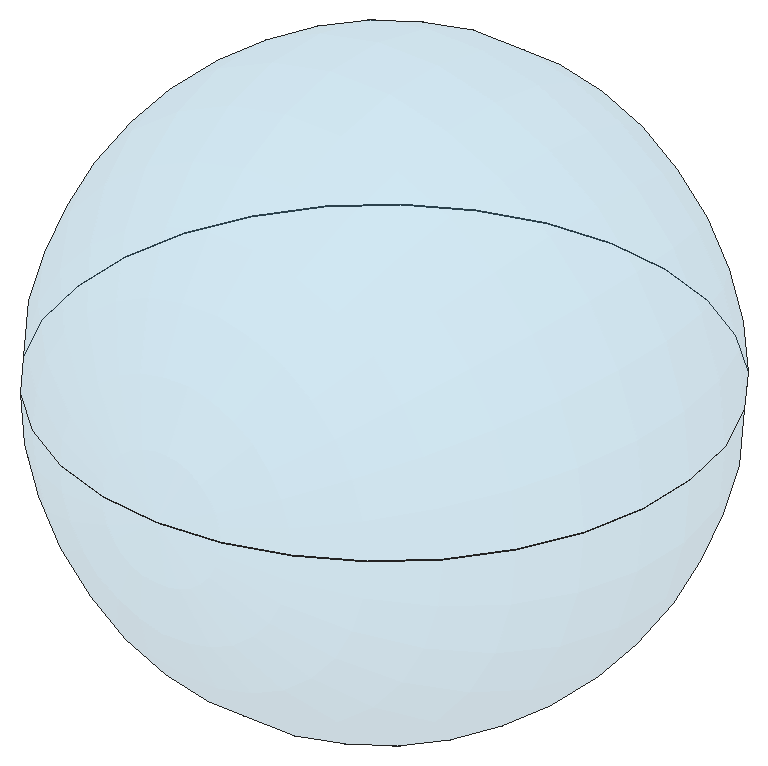
Revit family "DMEletrico_CentroDeCargas", category Modelos genéricos, Revit 2025
Family settings
  Pode hospedar o vergalhão = Não
  Cota do conector redondo = Utilizar diâmetro
  Tipo de parte = Normal
  Com base no plano de trabalho = Não
  Sempre na vertical = Sim
  Corte com vazios quando carregada = Não
  Manter orientação da anotação = Não
  Compartilhado = Não
  Ponto de cálculo do ambiente = Não
Parameters
  Elevação padrão = 0 mm
Reference planes
  plane 1 "Centro (Frente/Trás)": y = 0
  plane 2: z = 0
  plane 3 "Centro (Esquerda/Direita)": x = 0
Forms (mm)
  Revolve 1, solid, material "Vidro", detail levels fine
    sketch origin (0, 0, 0) x (1, 0, 0) y (0, 1, 0)
      loop
        line (0, 40) -> (0, -40)
        arc (0, -40) -> (40, 0) -> (0, 40) r 40
      axis (0, 40) -> (0, -40)
    angle from 0 to 360
Dimensions and locks
  aligned and locked: level to plane 2
Nested families
  nested 1: "Simbologia_2D" at (0, 0, 0), type "Simbologia_2D"
Definition of nested family "Simbologia_2D"
  Reference planes
    plane 1: y = 0
    plane 2: x = 0
  Lines and regions (mm)
    detail lines
      curve 1: line (0, -1.5, 0) -> (0, 1.5, 0)
      curve 2: line (-1.5, 0, 0) -> (1.5, 0, 0)
      curve 3: circle (0, 0, 0) r 0.8 normal (0, 0, 1)
